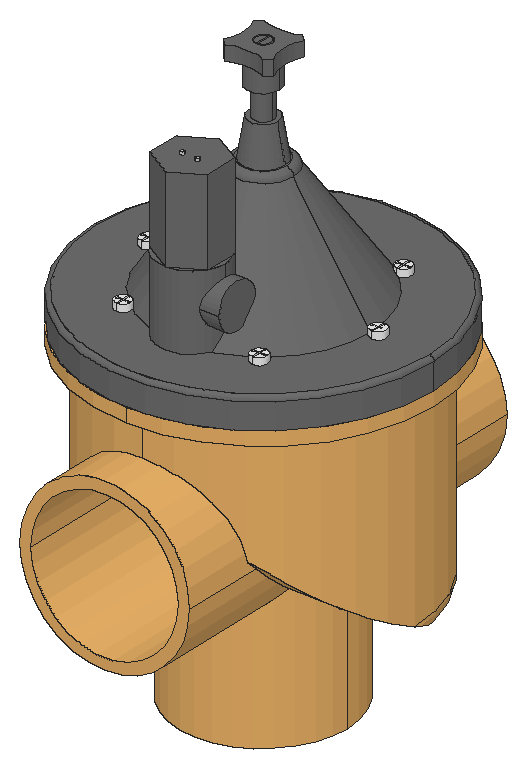
Revit family "Valve - 300BPES Series", category Acessórios do tubo, Revit 2020
Family settings
  Cota do conector redondo = Utilizar diâmetro
  Tipo de parte = Normal
  Número OmniClass = 23.60.30.11.14
  Título OmniClass = Pipework Fittings
  Com base no plano de trabalho = Não
  Sempre na vertical = Sim
  Corte com vazios quando carregada = Não
  Compartilhado = Não
Parameters (values of type "300-BPES")
  a [instance] = 1.27 cm
  URL = "https://www.rainbird.com/"
  SupportProjetos: Reviw Date = "10/11/2020"  # constant formula
  SupportProjetos: Reviw = "R01"  # constant formula
  SupportProjetos: Level of Detail = "LOD300"  # constant formula
  SupportProjetos: Developed = "MICHEL SOARES MOTA"  # constant formula
  SupportProjetos: Creation Date = "01/09/2020"  # constant formula
  RainBird: Product Link = "https://www.rainbird.com/"
  RainBird: Description = "Valves - 300-BPES Series"
  RainBird: Comment = ""
  RainBird: Code = "B38013"  # constant formula
  RN [instance] = DN / 2  # 3.81 cm
  Modelo = "300-BPES"
  Material Parafuso = Aço cromado
  Material = PVC-U
  Elevação padrão = 0 cm
  Diametro corpo [instance] = 6 cm
  Diametro Tubo = 7.62 cm
  Det1 [instance] = 2 cm
  Descrição = RainBird: Description  # "Valves - 300-BPES Series"
  DN [instance] = 7.62 cm
  Cobre = Cobre
  Caminho croqui = 17.78 cm
  Anotação Válvula = yes
Reference planes (cm)
  plane 1 "Centro (Frente/Trás)": y = 0
  plane 2: z = 0
  plane 3 "Centro (Esquerda/Direita)": x = 0
Forms (cm)
  Sweep 1, solid, material "PVC-U" <- "Material"
    path origin (0, 0, 0) x (1, 0, 0) y (0, 1, 0)
      loop
        circle (0, 0) r 3
    profile origin (0, 3, 0) x (0, -1, 0) y (0, 0, 1)
      loop
        arc (-4.4644, 4.98) -> (-4.6058, 4.9214) -> (-4.6644, 4.78) r 0.2
        line (-4.6644, 4.78) -> (-4.6644, 3.6146) -> (2.9833, 3.6146) -> (2.9833, 13.98) -> (2.5586, 13.98) -> (2.5586, 11.98) -> (2.3344, 11.98) -> (2.0533, 10.3125) -> (1.9669, 10.3125)
        arc (1.9669, 10.3125) -> (1.7477, 10.2217) -> (1.6569, 10.0024) r 0.31
        line (1.6569, 10.0024) -> (-1.8234, 4.98) -> (-4.4644, 4.98)
  Extrusion 2, solid, material "Aço cromado" <- "Material Parafuso"
    sketch origin (0, 0, 0) x (0, 1, 0) y (-1, 0, 0)
      loop
        circle (0, -5.1645) r 0.3541
      loop
        line (-0.0439, -5.207) -> (-0.0439, -5.4485) -> (0.0343, -5.4485) -> (0.0343, -5.207) -> (0.292, -5.207) -> (0.292, -5.123) -> (0.0343, -5.123) -> (0.0343, -4.8619) -> (-0.0439, -4.8619) -> (-0.0439, -5.123) -> (-0.3045, -5.123) -> (-0.3045, -5.207) -> (-0.0439, -5.207)
      loop
        circle (-4.0487, -3.0594) r 0.3541
      loop
        line (-4.0048, -3.1018) -> (-3.7442, -3.1018) -> (-3.7442, -3.0178) -> (-4.0048, -3.0178) -> (-4.0048, -2.7567) -> (-4.083, -2.7567) -> (-4.083, -3.0178) -> (-4.3408, -3.0178) -> (-4.3408, -3.1018) -> (-4.083, -3.1018) -> (-4.083, -3.3433) -> (-4.0048, -3.3433) -> (-4.0048, -3.1018)
      loop
        circle (4.0487, -3.0594) r 0.3541
      loop
        line (4.0048, -3.1018) -> (4.0048, -3.3433) -> (4.083, -3.3433) -> (4.083, -3.1018) -> (4.3408, -3.1018) -> (4.3408, -3.0178) -> (4.083, -3.0178) -> (4.083, -2.7567) -> (4.0048, -2.7567) -> (4.0048, -3.0178) -> (3.7442, -3.0178) -> (3.7442, -3.1018) -> (4.0048, -3.1018)
      loop
        circle (0, 5.1645) r 0.3541
      loop
        line (-0.0439, 5.207) -> (-0.3045, 5.207) -> (-0.3045, 5.123) -> (-0.0439, 5.123) -> (-0.0439, 4.8619) -> (0.0343, 4.8619) -> (0.0343, 5.123) -> (0.292, 5.123) -> (0.292, 5.207) -> (0.0343, 5.207) -> (0.0343, 5.4485) -> (-0.0439, 5.4485) -> (-0.0439, 5.207)
      loop
        circle (-4.0487, 3.0594) r 0.3541
      loop
        line (-4.0048, 3.1018) -> (-4.0048, 3.3433) -> (-4.083, 3.3433) -> (-4.083, 3.1018) -> (-4.3408, 3.1018) -> (-4.3408, 3.0178) -> (-4.083, 3.0178) -> (-4.083, 2.7567) -> (-4.0048, 2.7567) -> (-4.0048, 3.0178) -> (-3.7442, 3.0178) -> (-3.7442, 3.1018) -> (-4.0048, 3.1018)
      loop
        circle (4.0487, 3.0594) r 0.3541
      loop
        line (4.0048, 3.1018) -> (3.7442, 3.1018) -> (3.7442, 3.0178) -> (4.0048, 3.0178) -> (4.0048, 2.7567) -> (4.083, 2.7567) -> (4.083, 3.0178) -> (4.3408, 3.0178) -> (4.3408, 3.1018) -> (4.083, 3.1018) -> (4.083, 3.3433) -> (4.0048, 3.3433) -> (4.0048, 3.1018)
    from 4.98 to 5.2752
  Sweep 3, solid, material "Cobre" <- "Cobre"
    path origin (0, 0, 0) x (1, 0, 0) y (0, 1, 0)
      loop
        line (0, -8.89) -> (0, 8.89)
    profile origin (0, 0, 0) x (-1, 0, 0) y (0, 0, 1)
      loop
        circle (0, -2.625) r 3.81
  Extrusion 4, solid, material "PVC-U" <- "Material"
    sketch origin (1.2875, -1.1319, 0) x (1, 0, 0) y (0, 1, 0)
      loop
        circle (-1.2684, 1.1319) r 0.3851
      loop
        line (-2.1324, 2.2437) -> (-2.4038, 1.9724)
        arc (-2.4038, 1.9724) -> (-2.2079, 1.134) -> (-2.3976, 0.2941) r 1.9225
        line (-2.3976, 0.2941) -> (-2.1264, 0.0229)
        arc (-2.1264, 0.0229) -> (-1.2763, 0.2215) -> (-0.4262, 0.0229) r 1.9189
        line (-0.4262, 0.0229) -> (-0.1528, 0.2963)
        arc (-0.1528, 0.2963) -> (-0.3407, 1.131) -> (-0.1551, 1.9661) r 1.9594
        line (-0.1551, 1.9661) -> (-0.4338, 2.2448)
        arc (-0.4338, 2.2448) -> (-1.283, 2.0502) -> (-2.1324, 2.2437) r 1.9556
      loop
        arc (-1.3071, 1.4648) -> (-1.6036, 1.1319) -> (-1.3071, 0.799) r 0.3351
        line (-1.3071, 0.799) -> (-1.3071, 1.4648)
      loop
        line (-1.2684, 1.467) -> (-1.2684, 0.7967)
        arc (-1.2684, 0.7967) -> (-0.9581, 1.1319) -> (-1.2684, 1.467) r 0.3361
    from 14.3556 to 15.027
  Extrusion 5, solid, material "PVC-U" <- "Material"
    sketch origin (0, 0, 0) x (1, 0, 0) y (0, 1, 0)
      loop
        circle (0, 0) r 0.7379
    from 13.2815 to 14.3556
  Extrusion 6, solid, material "PVC-U" <- "Material"
    sketch origin (0, -1, 0) x (1, 0, 0) y (0, 1, 0)
      loop
        circle (0, -3) r 1.5
    from 4.98 to 8.3126
  Extrusion 7, solid, material "PVC-U" <- "Material"
    sketch origin (0, -1, 0) x (1, 0, 0) y (0, 1, 0)
      loop
        line (0, -4.5) -> (1.299, -3.75) -> (1.299, -2.25) -> (0, -1.5) -> (-1.299, -2.25) -> (-1.299, -3.75) -> (0, -4.5)
    from 8.3126 to 12.15
  Extrusion 8, solid
    sketch origin (0, 0, 0) x (1, 0, 0) y (0, 1, 0)
      loop
        circle (-0.329, -4.1208) r 0.0806
      loop
        circle (0.3553, -4.1386) r 0.0824
    from 12.15 to 12.2333
  Extrusion 9, void
    sketch origin (0, 0, 5.875) x (0, 1, 0) y (0, 0, 1)
      loop
        arc (3.2836, -13.1815) -> (-2.6022, -10.6176) -> (-7.2164, -6.1539) r 18.0289
        line (-7.2164, -6.1539) -> (-7.2164, -14.8853) -> (3.2836, -14.8853) -> (3.2836, -13.1815)
    from -13.7229 to 25
  Extrusion 10, solid, material "Cobre" <- "Cobre"
    sketch origin (0, 0, 0) x (1, 0, 0) y (0, 1, 0)
      loop
        circle (-0.0167, 0) r 3.81
    from -11.348 to 0
  Extrusion 11, void
    sketch origin (0, 0, -2) x (1, 0, 0) y (0, 0, 1)
      loop
        circle (0, -0.625) r 3.3083
    from -16.04 to 25
  Revolve 12, solid, material "Cobre" <- "Cobre"
    sketch origin (0, 0, 0) x (0, 1, 0) y (0, 0, 1)
      loop
        line (0, 3.6146) -> (0, -7.2029) -> (5.7885, -7.2029)
        arc (5.7885, -7.2029) -> (6.4956, -6.91) -> (6.7885, -6.2029) r 1
        line (6.7885, -6.2029) -> (6.7885, 2.9897) -> (7.6872, 2.9897) -> (7.6872, 3.6146) -> (0, 3.6146)
      axis (0, 3.6146) -> (0, -7.2029)
    angle from 0 to 360
  Extrusion 13, solid, material "PVC-U" <- "Material"
    sketch origin (0, 0, 0) x (0, 1, 0) y (0, 0, 1)
      loop
        circle (-4.0006, 6.7871) r 1
    from 0 to 2.0135
Cuts and joins
  joined: Extrusion 6, Extrusion 7
  Extrusion 9, Extrusion 11 cuts Sweep 1
  Extrusion 11 cuts Sweep 3
  Extrusion 11 cuts Extrusion 10
  Extrusion 9, Extrusion 11 cuts Revolve 12
  joined: Sweep 3, Extrusion 10, Revolve 12
Dimensions and locks (cm)
  "Caminho croqui": Sweep 3 sketch curve to Sweep 3 sketch curve
  equal spacing: Sweep 3 sketch curve, plane 1 "Centro (Frente/Trás)", Sweep 3 sketch curve
  locked: plane 1 "Centro (Frente/Trás)" to Sweep 1 sketch curve at 0.0167
  Sweep 1 sketch curve to Sweep 1 sketch curve = 7.6477 cm
  "Diametro corpo": diameter of Sweep 1 sketch curve
  "Diametro Tubo": diameter of Sweep 3 sketch curve
  "Diametro Tubo": diameter of Extrusion 10 sketch curve
  aligned and locked: level to plane 2
  aligned and locked: Extrusion 4 to Extrusion 5
  aligned and locked: Extrusion 7 to Extrusion 6
  aligned and locked: Extrusion 8 to cut or joined group of Extrusion 6, Extrusion 7
  aligned and locked: Extrusion 2 to Sweep 1
Automatic sketch dimensions
  Extrusion 4 sketch curve to Extrusion 4 sketch curve = 0 cm  (x2)
  Extrusion 4 sketch curve to Extrusion 4 sketch curve = 0.0258 cm  (x2)
  plane 1 "Centro (Frente/Trás)" to Extrusion 4 sketch curve = 0 cm
  plane 3 "Centro (Esquerda/Direita)" to Extrusion 4 sketch curve = 0.019 cm  (x2)
  plane 3 "Centro (Esquerda/Direita)" to Extrusion 4 sketch curve = 0.0112 cm
  plane 3 "Centro (Esquerda/Direita)" to Extrusion 4 sketch curve = 0.0032 cm
  Extrusion 4 sketch curve to plane 3 "Centro (Esquerda/Direita)" = 0.0197 cm
  Extrusion 4 sketch curve to plane 3 "Centro (Esquerda/Direita)" = 0.8389 cm
  Extrusion 4 sketch curve to plane 3 "Centro (Esquerda/Direita)" = 0.8449 cm
  Extrusion 4 sketch curve to Extrusion 4 sketch curve = 0.2712 cm
  Extrusion 4 sketch curve to Extrusion 4 sketch curve = 0.2714 cm
  plane 1 "Centro (Frente/Trás)" to Extrusion 4 sketch curve = 0.005 cm
  Extrusion 4 sketch curve to Extrusion 4 sketch curve = 1.7328 cm
  plane 3 "Centro (Esquerda/Direita)" to Extrusion 4 sketch curve = 0.8537 cm
  plane 3 "Centro (Esquerda/Direita)" to Extrusion 4 sketch curve = 0.8613 cm
  Extrusion 4 sketch curve to Extrusion 4 sketch curve = 0.2787 cm  (x2)
  Extrusion 4 sketch curve to Extrusion 4 sketch curve = 0.2734 cm  (x2)
  Extrusion 4 sketch curve to plane 1 "Centro (Frente/Trás)" = 0.0018 cm
  Extrusion 4 sketch curve to Extrusion 4 sketch curve = 1.7715 cm
  plane 1 "Centro (Frente/Trás)" to Extrusion 4 sketch curve = 0.3351 cm
  Extrusion 4 sketch curve to Extrusion 4 sketch curve = 0.0022 cm
  plane 1 "Centro (Frente/Trás)" to Extrusion 4 sketch curve = 0.8355 cm
  plane 1 "Centro (Frente/Trás)" to Extrusion 4 sketch curve = 0.8377 cm
  Extrusion 4 sketch curve to Extrusion 4 sketch curve = 1.7203 cm
  Extrusion 4 sketch curve to Extrusion 4 sketch curve = 0.2713 cm
  plane 1 "Centro (Frente/Trás)" to Extrusion 5 sketch curve = 0 cm
  Extrusion 5 sketch curve to plane 3 "Centro (Esquerda/Direita)" = 0 cm
  Extrusion 6 sketch curve to plane 3 "Centro (Esquerda/Direita)" = 0 cm
  plane 1 "Centro (Frente/Trás)" to Extrusion 6 sketch curve = 4 cm
  Extrusion 8 sketch curve to plane 3 "Centro (Esquerda/Direita)" = 0.329 cm
  Extrusion 8 sketch curve to Extrusion 8 sketch curve = 0.6843 cm
  plane 1 "Centro (Frente/Trás)" to Extrusion 8 sketch curve = 4.1208 cm
  Extrusion 8 sketch curve to Extrusion 8 sketch curve = 0.0178 cm
  plane 1 "Centro (Frente/Trás)" to Extrusion 2 sketch curve = 0 cm  (x2)
  plane 1 "Centro (Frente/Trás)" to Extrusion 2 sketch curve = 0.0439 cm  (x4)
  Extrusion 2 sketch curve to Extrusion 2 sketch curve = 0.2606 cm  (x6)
  plane 1 "Centro (Frente/Trás)" to Extrusion 2 sketch curve = 3.7442 cm  (x2)
  Extrusion 2 sketch curve to Extrusion 2 sketch curve = 0 cm  (x10)
  Extrusion 2 sketch curve to Extrusion 2 sketch curve = 0.0439 cm  (x4)
  Extrusion 2 sketch curve to Extrusion 2 sketch curve = 0.0782 cm  (x6)
  Extrusion 2 sketch curve to Extrusion 2 sketch curve = 0.0343 cm  (x2)
  Extrusion 2 sketch curve to Extrusion 2 sketch curve = 0.2577 cm  (x6)
  Extrusion 2 sketch curve to plane 1 "Centro (Frente/Trás)" = 0.0343 cm  (x4)
  Extrusion 2 sketch curve to plane 1 "Centro (Frente/Trás)" = 3.7442 cm  (x2)
  plane 3 "Centro (Esquerda/Direita)" to Extrusion 2 sketch curve = 5.4485 cm
  Extrusion 2 sketch curve to Extrusion 2 sketch curve = 0.2415 cm  (x6)
  Extrusion 2 sketch curve to Extrusion 2 sketch curve = 0.0425 cm  (x7)
  Extrusion 2 sketch curve to Extrusion 2 sketch curve = 0.0415 cm  (x4)
  Extrusion 2 sketch curve to Extrusion 2 sketch curve = 0.084 cm  (x7)
  Extrusion 2 sketch curve to Extrusion 2 sketch curve = 0.2612 cm  (x6)
  plane 3 "Centro (Esquerda/Direita)" to Extrusion 2 sketch curve = 3.3433 cm  (x2)
  Extrusion 2 sketch curve to plane 3 "Centro (Esquerda/Direita)" = 2.7567 cm  (x2)
  Extrusion 2 sketch curve to Extrusion 2 sketch curve = 1.76 cm
  Extrusion 11 sketch curve to plane 3 "Centro (Esquerda/Direita)" = 0 cm
  Extrusion 11 sketch curve to level = 2.625 cm
  Revolve 12 sketch curve to plane 1 "Centro (Frente/Trás)" = 0 cm  (x2)
  Revolve 12 sketch curve to plane 1 "Centro (Frente/Trás)" = 5.7885 cm
  Revolve 12 sketch curve to Revolve 12 sketch curve = 1 cm
  Revolve 12 sketch curve to level = 7.2029 cm
  level to Revolve 12 sketch curve = 3.6146 cm
  Revolve 12 sketch curve to Revolve 12 sketch curve = 0.8987 cm
  Revolve 12 sketch curve to Revolve 12 sketch curve = 4.3304 cm
  Revolve 12 sketch curve to level = 2.2029 cm
  Revolve 12 sketch curve to Revolve 12 sketch curve = 0.6249 cm
  plane 1 "Centro (Frente/Trás)" to Extrusion 9 sketch curve = 7.2164 cm
  Extrusion 9 sketch curve to plane 1 "Centro (Frente/Trás)" = 3.2836 cm
  Extrusion 9 sketch curve to plane 1 "Centro (Frente/Trás)" = 7.4258 cm
  Extrusion 9 sketch curve to level = 9.0103 cm
  Extrusion 9 sketch curve to Extrusion 9 sketch curve = 1.7039 cm
  Extrusion 9 sketch curve to level = 0.2789 cm
  Sweep 1 sketch curve to Sweep 1 sketch curve = 0.2 cm
  profile plane to Sweep 1 sketch curve = 1.8234 cm
  Sweep 1 sketch curve to profile plane = 1.6569 cm
  Sweep 1 sketch curve to Sweep 1 sketch curve = 0.31 cm
  Sweep 1 sketch curve to Sweep 1 sketch curve = 0.0864 cm
  Sweep 1 sketch curve to Sweep 1 sketch curve = 0.2811 cm
  Sweep 1 sketch curve to Sweep 1 sketch curve = 0.2242 cm
  level to Sweep 1 sketch curve = 3.6146 cm
  Sweep 1 sketch curve to Sweep 1 sketch curve = 1.1654 cm
  Sweep 1 sketch curve to Sweep 1 sketch curve = 5.0224 cm
  Sweep 1 sketch curve to Sweep 1 sketch curve = 1.6675 cm
  Sweep 1 sketch curve to Sweep 1 sketch curve = 2 cm
  plane 1 "Centro (Frente/Trás)" to Extrusion 13 sketch curve = 4.0006 cm
  level to Extrusion 13 sketch curve = 6.7871 cm
  plane 1 "Centro (Frente/Trás)" to Sweep 1 sketch curve = 0 cm
  Sweep 1 sketch curve to plane 3 "Centro (Esquerda/Direita)" = 0 cm
  Sweep 3 sketch curve to plane 3 "Centro (Esquerda/Direita)" = 0 cm
  Sweep 3 sketch curve to profile plane = 0 cm
  Sweep 3 sketch curve to level = 2.625 cm
  plane 1 "Centro (Frente/Trás)" to Extrusion 10 sketch curve = 0 cm
  Extrusion 10 sketch curve to plane 3 "Centro (Esquerda/Direita)" = 0.0167 cm
  radius of Extrusion 4 sketch curve = 0.3851 cm
  radius of Extrusion 5 sketch curve = 0.7379 cm
  radius of Extrusion 6 sketch curve = 1.5 cm
  radius of Extrusion 8 sketch curve = 0.0806 cm
  radius of Extrusion 8 sketch curve = 0.0824 cm
  radius of Extrusion 2 sketch curve = 0.3541 cm  (x6)
  radius of Extrusion 11 sketch curve = 3.3083 cm
  radius of Extrusion 13 sketch curve = 1 cm
Connectors (cm)
  electrical at (0.3553, -4.1386, 12.2333)
    settings: on Extrusion 8, index 3, voltage 600 V, apparent load 0 VA, apparent load phase1 0 VA, apparent load phase2 0 VA, apparent load phase3 0 VA, power factor 1, load classification "Outro", number of poles 1, system type 30, power factor state 1, is connector primary yes, connector utility no, sub classification motor no, connector description ""
  electrical at (-0.329, -4.1208, 12.2333)
    settings: on Extrusion 8, index 4, voltage 600 V, apparent load 0 VA, apparent load phase1 0 VA, apparent load phase2 0 VA, apparent load phase3 0 VA, power factor 1, load classification "Outro", number of poles 1, system type 30, power factor state 1, is connector primary no, connector utility no, sub classification motor no, connector description ""
  piping at (0, -8.89, -2.625), diameter 7.62, driven by "DN"
    settings: on cut or joined group of Sweep 3, Extrusion 9, Extrusion 10, Extrusion 11, Revolve 12, index 5, connector inside diameter 609.6 mm, connector length 0 cm, flow factor 0, pipe flow 0.0 L/s, pressure drop 0.0 Pa, fitting loss kfactor 0, connector angle 0.00°, fixture units 0, engagement length 0 cm, angle of deflection 0.00°, flow configuration 0, flow direction 0, fitting loss method 0, system type 20, joint type 0, gender type 0, connector reference index 6, connector utility 0, adjustable connector no, is connector primary yes, connector description ""
  piping at (0, 8.89, -2.625), diameter 7.62, driven by "DN"
    settings: on cut or joined group of Sweep 3, Extrusion 9, Extrusion 10, Extrusion 11, Revolve 12, index 6, connector inside diameter 609.6 mm, connector length 0 cm, flow factor 0, pipe flow 0.0 L/s, pressure drop 0.0 Pa, fitting loss kfactor 0, connector angle 0.00°, fixture units 0, engagement length 0 cm, angle of deflection 0.00°, flow configuration 0, flow direction 0, fitting loss method 0, system type 20, joint type 0, gender type 0, connector reference index 5, connector utility 0, adjustable connector no, is connector primary no, connector description ""
  piping at (-0.0167, 0, -11.348), diameter 7.62, driven by "DN"
    settings: on cut or joined group of Sweep 3, Extrusion 9, Extrusion 10, Extrusion 11, Revolve 12, index 7, connector inside diameter 609.6 mm, connector length 0 cm, flow factor 0, pipe flow 0.0 L/s, pressure drop 0.0 Pa, fitting loss kfactor 0, connector angle 0.00°, fixture units 0, engagement length 0 cm, angle of deflection 0.00°, flow configuration 0, flow direction 0, fitting loss method 0, system type 28, joint type 0, gender type 0, connector reference index -1, connector utility 0, adjustable connector no, is connector primary no, connector description ""
